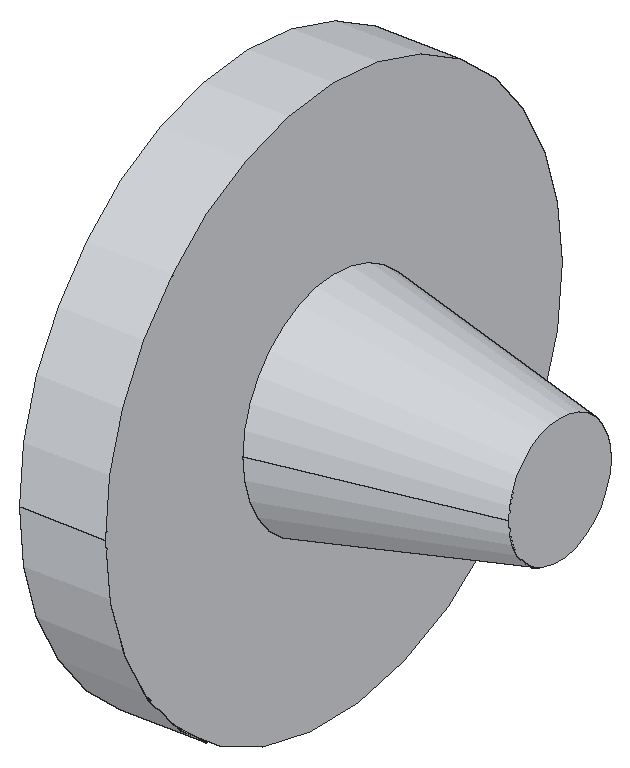
Revit family "728faaa18065433db08e3cda4c0fb0ff", category Pipe Fittings, Revit 2021
Family settings
  Round Connector Dimension = Use Radius
  Part Type = Flange
  OmniClass Number = 23.60.30.11.14
  OmniClass Title = Pipework Fittings
  Seek Item ID = Flange - Weld Neck - Steel - Class 400-0000-USA-ENU
  Work Plane-Based = No
  Always vertical = Yes
  Cut with Voids When Loaded = No
  Shared = No
Parameters (values of type "Standard")
  Tick Size [instance] = Flange Outside Diameter * 0.4  # 1.49606"
  Raised Face Thickness [instance] = 1/4"  # constant formula
  Raised Face Radius [instance] = Raised Face Diameter / 2  # 0.68701"
  Raised Face Diameter [instance] = size_lookup(Lookup Table Name, "RFD", 1.11 * Nominal Diameter + 1 47/128", Nominal Diameter)  # 1.37402"
  Nominal Radius [instance] = 1/4"
  Nominal Diameter [instance] = Nominal Radius * 2  # 1/2"
  Loss Method = Not Defined
  Lookup Table Name = "Flange - Weld Neck - Steel - Class 400"
  Length Through Hub [instance] = size_lookup(Lookup Table Name, "LTH", 0.22 * Nominal Diameter + 2 131/256", Nominal Diameter)  # 2.04724"
  Hub Radius [instance] = Hub Diameter / 2  # 0.74803"
  Hub Diameter [instance] = size_lookup(Lookup Table Name, "HDia", 1.13 * Nominal Diameter + 1 5/32", Nominal Diameter)  # 1.49606"
  Hub Beginning Radius [instance] = Hub Beginning Diameter / 2  # 0.41929"
  Hub Beginning Diameter [instance] = size_lookup(Lookup Table Name, "HBD", 1 * Nominal Diameter + 29/64", Nominal Diameter)  # 0.83858"
  Flange Thickness [instance] = size_lookup(Lookup Table Name, "FThk", 0.11 * Nominal Diameter + 211/256", Nominal Diameter)  # 0.56299"
  Flange Outside Radius [instance] = Flange Outside Diameter / 2  # 1.87008"
  Flange Outside Diameter [instance] = size_lookup(Lookup Table Name, "FOD", 1.37 * Nominal Diameter + 3 29/32", Nominal Diameter)  # 3.74016"
  Default Elevation = 0' - 0"
Reference planes (in)
  plane 1 "Center (Front/Back)": y = 0
  plane 2: z = 0
  plane 3 "Center (Left/Right)": x = 0
  plane 4: x = 0.25
  plane 5: x = 0.81299
  plane 6: x = 2.29724
  plane 7: y = 1.49606
  plane 8: y = -1.49606
Forms (in)
  Sweep 1, solid, detail levels fine
    path in 3D
      loop
        line (0, 0, 0) -> (0.25, 0, 0)
    profile origin (0.125, 0, 0) x (0, 1, 0) y (0, 0, 1)
      loop
        circle (0, 0) r 0.68701
  Sweep 2, solid, detail levels fine
    path in 3D
      loop
        line (0.25, 0, 0) -> (0.81299, 0, 0)
    profile origin (0.5315, 0, 0) x (0, 1, 0) y (0, 0, 1)
      loop
        circle (0, 0) r 1.87008
  SweptBlend 3, solid, detail levels fine
    path in 3D
      loop
        line (0.81299, 0, 0) -> (2.29724, 0, 0)
    profile origin (0.81299, 0, 0) x (0, 1, 0) y (0, 0, 1)
      loop
        circle (0, 0) r 0.74803
    end profile origin (2.29724, 0, 0) x (0, 1, 0) y (0, 0, 1)
      loop
        circle (0, 0) r 0.41929
Cuts and joins
  joined: Sweep 1, Sweep 2, SweptBlend 3
Lines and regions (in)
  model lines, detail levels coarse+medium
    curve 1: line (0, 0, 0) -> (0.25, 0, 0)
    curve 2: line (0.25, 0, 0) -> (0.81299, 0, 0)
    curve 3: line (0.81299, 0, 0) -> (2.29724, 0, 0)
    curve 6: line (0.81299, 1.49606, 0) -> (0.81299, -1.49606, 0)
  sketch lines
    curve 4: line (0, 0, 0) -> (0.25, 0, 0)
    curve 5: line (0.25, 0, 0) -> (0.81299, 0, 0)
    curve 7: line (0.81299, 0, 0) -> (2.29724, 0, 0)
Dimensions and locks (in)
  "Raised Face Thickness": plane 3 "Center (Left/Right)" to plane 4
  "Flange Thickness": plane 4 to plane 5
  "Length Through Hub": plane 4 to plane 6
  equal spacing: plane 7, plane 1 "Center (Front/Back)", plane 8
  "Tick Size": plane 7 to plane 1 "Center (Front/Back)"
  "Raised Face Radius": radius of Sweep 1 sketch curve
  "Flange Outside Radius": radius of Sweep 2 sketch curve
  "Hub Radius": radius of SweptBlend 3 sketch curve
  "Hub Beginning Radius": radius of SweptBlend 3 sketch curve
  aligned and locked: plane 3 "Center (Left/Right)" to curve 1
  aligned and locked: plane 4 to curve 1
  aligned and locked: plane 1 "Center (Front/Back)" to curve 1
  aligned and locked: plane 1 "Center (Front/Back)" to curve 2
  aligned and locked: plane 5 to curve 3
  aligned and locked: plane 6 to curve 3
  aligned and locked: plane 1 "Center (Front/Back)" to curve 3
  aligned and locked: plane 7 to curve 6
  aligned and locked: plane 8 to curve 6
  aligned and locked: curve 6 to plane 5
  aligned and locked: plane 1 "Center (Front/Back)" to SweptBlend 3 sketch curve  (x2)
  aligned and locked: plane 2 to SweptBlend 3 sketch curve  (x2)
Automatic sketch dimensions
  Sweep 1 sketch curve to profile plane = 0' - 0"  (x2)
  Sweep 2 sketch curve to profile plane = 0' - 0"  (x2)
Connectors (in)
  piping at (0, 0, 0), diameter 0.5, driven by "Nominal Radius"
    settings: on cut or joined group of Sweep 1, Sweep 2, SweptBlend 3, index 1, connector inside diameter 1/2", connector length 0' - 0", flow factor 0, pipe flow 0 GPM, pressure drop 0.00 psi, fitting loss kfactor 0, connector angle 0.00°, fixture units 0, engagement length 0' - 0", angle of deflection 0.00°, flow configuration 0, flow direction 0, fitting loss method 0, system type 28, joint type 0, gender type 0, connector reference index 2, connector utility 0, adjustable connector no, is connector primary yes, connector description ""
  piping at (2.29724, 0, 0), diameter 0.5, driven by "Nominal Radius"
    settings: on cut or joined group of Sweep 1, Sweep 2, SweptBlend 3, index 2, connector inside diameter 1/2", connector length 0' - 0", flow factor 0, pipe flow 0 GPM, pressure drop 0.00 psi, fitting loss kfactor 0, connector angle 0.00°, fixture units 0, engagement length 0' - 0", angle of deflection 0.00°, flow configuration 0, flow direction 0, fitting loss method 0, system type 28, joint type 0, gender type 0, connector reference index 1, connector utility 0, adjustable connector no, is connector primary no, connector description ""
